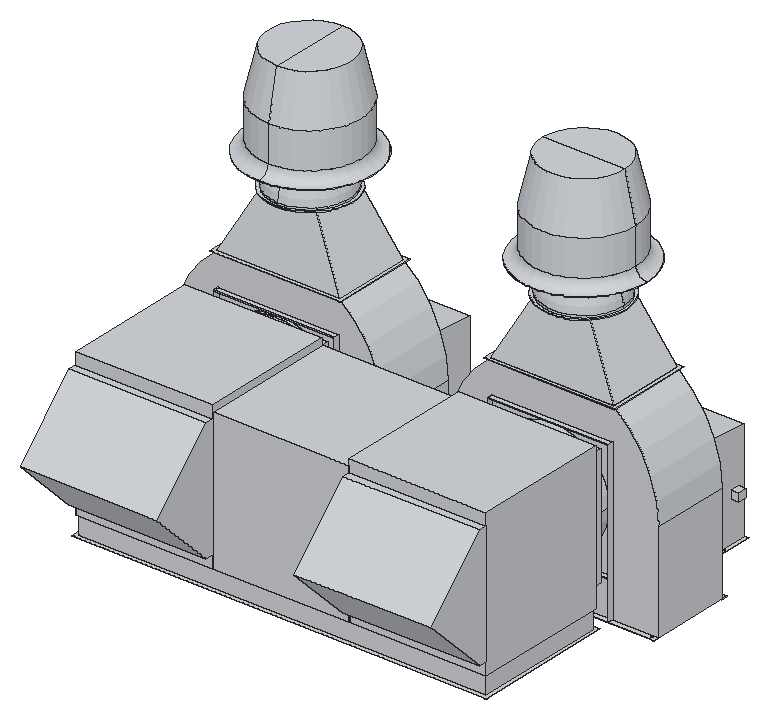
Revit family "Dual_CAVP_with_Mixing_Box", category Mechanical Equipment, Revit 2019 (continued)
Types (228): name | TRANSITION/2 | TRANSITION | RO2/2 | RO/2 | N_B_R+1.5" | MB_P+MB_P+.5 | E/52*30 | E/2-H/2 | E-N-N-H | E-(NOZZLE_RAD/3*2) | DUAL_Q-4.5" | DUAL_Q+.25" | DUAL_Q | R-((B/2)+1.5") | R+((B/2)+1.5") | R*1.1 | R | MB_P-4.5" | MB_P+.25" | P | NOZZLE_WB_RAD-2" | NOZZLE_WB_RAD | NOZZLE_WB_OD | NOZZLE_WB/4 | NOZZLE_TOP_RAD | NOZZLE_TOP_OD | NOZZLE_SIZE | NOZZLE_HEIGHT/7*2 | NOZZLE_HEIGHT | NOZZLE_BOTTOM_RAD-3*2 | NOZZLE_BOTTOM_RAD | NOZZLE_BOTTOM_ID | MB_N-(D-J-K-L) | N+(H/2) | N | MB_Q | MB_P | MB_N | MB_HEIGHT/2 | MB_HEIGHT | MB_F | MB_A | M-(2*(D-L-K-J)) | M | L | K | J+K+L | J | HEIGHT | H/2 | H | F/2 | MB_F-3" | F | E/52*15 | E/2 | E | D-M | D-L-K-J | D | CLASS | C/2 | C | B/4 | B/2 | B | A/2 | A | Type Comments | -MB_P-.25 | -MB_P | -MB_HEIGHT | -(F-((F-H)/2))/2 | -((MB_Q / 2) + 1/8") | (NOZZLE_WB_OD - NOZZLE_TOP_OD) / 4 | (NOZZLE_HEIGHT - (NOZZLE_HEIGHT / 8 * 2)) / 2 | (MB_Q/2)+.125" | (MB_P/2-.125")-((F / 2) - 2") | (MB_P/2-.125")+((F / 2) - 2") | (MB_P/2)+.125" | (M - (2 * (D - L - K - J)))/2 | (F-((F-H)/2))/2 | (E/2)-(E/52*15) | (E/2)-((MB_P/2)+.125") | (E/2)-((B/2)+1.5") | (D-J-K-L)*2 | (B/2)-.125" | (B/2)+1.5" | ((M - (2 * (D - L - K - J))) / 2) + (TRANSITION / 2)
  Dual_225_CAVP-15L_CLASS_1_With_Mixing_Box | 7.5572" | 15.11441" | 54 15/16" | 16 3/4" | 12 3/16" | 76 1/2" | 27.8726" | 10 11/32" | 2" | 17 1/32" | 109 7/8" | 114 5/8" | 114 3/8" | 9 1/32" | 39 15/32" | 26.675" | 24 1/4" | 33 1/2" | 38 1/4" | 60" | 16" | 18" | 36" | 7.2" | 11 1/2" | 23" | 15" | 10 3/4" | 43" | 4 11/16" | 10 11/16" | 21 3/8" | 13 3/16" | 22 5/32" | 8 11/32" | 38" | 38" | 14 3/16" | 21 5/8" | 43 1/4" | 5 3/4" | 117 5/8" | 17 7/16" | 19 7/16" | 21 7/16" | 15 1/8" | 45 1/16" | 8 1/2" | 45.34807" | 13 13/16" | 27 5/8" | 14 13/16" | 2 3/4" | 29 5/8" | 13.9363" | 24 5/32" | 48 5/16" | 26 5/8" | 1" | 46 1/16" | 1" | 29 19/32" | 59 3/16" | 6 55/64" | 13 23/32" | 27 7/16" | 53 11/32" | 106 11/16" | "Dual Vari-Plume Laboratory Exhaust Centrifugal Airfoil Class 1 Arr 10 With Mixing Box" | -38 1/4" | -38" | -43 1/4" | -12 13/16" | -19 1/8" | 3 1/4" | 16 1/8" | 19 1/8" | -6 1/16" | -31 11/16" | 19 1/8" | 8 23/32" | 12 13/16" | 10.21995" | 5 1/32" | 8 15/16" | 2" | 13 19/32" | 15 7/32" | 16.27595"
  Dual_225_CAVP-18H_CLASS_1_With_Mixing_Box | 9.05981" | 18.11961" | 54 15/16" | 16 3/4" | 14 5/16" | 76 1/2" | 27.8726" | 10 11/32" | 2" | 15.61458" | 109 7/8" | 114 5/8" | 114 3/8" | 9 1/32" | 39 15/32" | 26.675" | 24 1/4" | 33 1/2" | 38 1/4" | 60" | 19 1/2" | 21 1/2" | 43" | 8.6" | 13 3/4" | 27 1/2" | 18" | 12" | 48" | 6 13/16" | 12 13/16" | 25 5/8" | 13 3/16" | 22 5/32" | 8 11/32" | 38" | 38" | 14 3/16" | 21 5/8" | 43 1/4" | 5 3/4" | 117 5/8" | 17 7/16" | 19 7/16" | 21 7/16" | 15 1/8" | 45 1/16" | 8 1/2" | 45.34807" | 13 13/16" | 27 5/8" | 14 13/16" | 2 3/4" | 29 5/8" | 13.9363" | 24 5/32" | 48 5/16" | 26 5/8" | 1" | 46 1/16" | 1" | 29 19/32" | 59 3/16" | 6 55/64" | 13 23/32" | 27 7/16" | 53 11/32" | 106 11/16" | "Dual Vari-Plume Laboratory Exhaust Centrifugal Airfoil Class 1 Arr 10 With Mixing Box" | -38 1/4" | -38" | -43 1/4" | -12 13/16" | -19 1/8" | 3 7/8" | 18" | 19 1/8" | -6 1/16" | -31 11/16" | 19 1/8" | 8 23/32" | 12 13/16" | 10.21995" | 5 1/32" | 8 15/16" | 2" | 13 19/32" | 15 7/32" | 17.77856"
  Dual_225_CAVP-18L_CLASS_1_With_Mixing_Box | 9.05981" | 18.11961" | 54 15/16" | 16 3/4" | 14 5/16" | 76 1/2" | 27.8726" | 10 11/32" | 2" | 15.61458" | 109 7/8" | 114 5/8" | 114 3/8" | 9 1/32" | 39 15/32" | 26.675" | 24 1/4" | 33 1/2" | 38 1/4" | 60" | 19 1/2" | 21 1/2" | 43" | 8.6" | 13 3/4" | 27 1/2" | 18" | 12" | 48" | 6 13/16" | 12 13/16" | 25 5/8" | 13 3/16" | 22 5/32" | 8 11/32" | 38" | 38" | 14 3/16" | 21 5/8" | 43 1/4" | 5 3/4" | 117 5/8" | 17 7/16" | 19 7/16" | 21 7/16" | 15 1/8" | 45 1/16" | 8 1/2" | 45.34807" | 13 13/16" | 27 5/8" | 14 13/16" | 2 3/4" | 29 5/8" | 13.9363" | 24 5/32" | 48 5/16" | 26 5/8" | 1" | 46 1/16" | 1" | 29 19/32" | 59 3/16" | 6 55/64" | 13 23/32" | 27 7/16" | 53 11/32" | 106 11/16" | "Dual Vari-Plume Laboratory Exhaust Centrifugal Airfoil Class 1 Arr 10 With Mixing Box" | -38 1/4" | -38" | -43 1/4" | -12 13/16" | -19 1/8" | 3 7/8" | 18" | 19 1/8" | -6 1/16" | -31 11/16" | 19 1/8" | 8 23/32" | 12 13/16" | 10.21995" | 5 1/32" | 8 15/16" | 2" | 13 19/32" | 15 7/32" | 17.77856"
  Dual_225_CAVP-18H_CLASS_2_With_Mixing_Box | 9.05981" | 18.11961" | 54 15/16" | 16 3/4" | 14 5/16" | 76 1/2" | 27.8726" | 10 11/32" | 1 27/32" | 15.61458" | 109 7/8" | 114 5/8" | 114 3/8" | 9 1/32" | 39 15/32" | 26.675" | 24 1/4" | 33 1/2" | 38 1/4" | 60" | 19 1/2" | 21 1/2" | 43" | 8.6" | 13 3/4" | 27 1/2" | 18" | 12" | 48" | 6 13/16" | 12 13/16" | 25 5/8" | 13 3/16" | 22 5/16" | 8 1/2" | 38" | 38" | 14 3/16" | 21 5/8" | 43 1/4" | 5 3/4" | 121 5/8" | 17 7/16" | 19 7/16" | 21 7/16" | 19 3/8" | 49 1/16" | 8 1/4" | 45.34807" | 13 13/16" | 27 5/8" | 14 13/16" | 2 3/4" | 29 5/8" | 13.9363" | 24 5/32" | 48 5/16" | 30 5/8" | 1" | 50 1/16" | 2" | 29 19/32" | 59 3/16" | 6 55/64" | 13 23/32" | 27 7/16" | 53 11/32" | 106 11/16" | "Dual Vari-Plume Laboratory Exhaust Centrifugal Airfoil Class 2 Arr 10 With Mixing Box" | -38 1/4" | -38" | -43 1/4" | -12 13/16" | -19 1/8" | 3 7/8" | 18" | 19 1/8" | -6 1/16" | -31 11/16" | 19 1/8" | 8 23/32" | 12 13/16" | 10.21995" | 5 1/32" | 8 15/16" | 2" | 13 19/32" | 15 7/32" | 17.77856"
  Dual_225_CAVP-18L_CLASS_2_With_Mixing_Box | 9.05981" | 18.11961" | 54 15/16" | 16 3/4" | 14 5/16" | 76 1/2" | 27.8726" | 10 11/32" | 1 27/32" | 15.61458" | 109 7/8" | 114 5/8" | 114 3/8" | 9 1/32" | 39 15/32" | 26.675" | 24 1/4" | 33 1/2" | 38 1/4" | 60" | 19 1/2" | 21 1/2" | 43" | 8.6" | 13 3/4" | 27 1/2" | 18" | 12" | 48" | 6 13/16" | 12 13/16" | 25 5/8" | 13 3/16" | 22 5/16" | 8 1/2" | 38" | 38" | 14 3/16" | 21 5/8" | 43 1/4" | 5 3/4" | 121 5/8" | 17 7/16" | 19 7/16" | 21 7/16" | 19 3/8" | 49 1/16" | 8 1/4" | 45.34807" | 13 13/16" | 27 5/8" | 14 13/16" | 2 3/4" | 29 5/8" | 13.9363" | 24 5/32" | 48 5/16" | 30 5/8" | 1" | 50 1/16" | 2" | 29 19/32" | 59 3/16" | 6 55/64" | 13 23/32" | 27 7/16" | 53 11/32" | 106 11/16" | "Dual Vari-Plume Laboratory Exhaust Centrifugal Airfoil Class 2 Arr 10 With Mixing Box" | -38 1/4" | -38" | -43 1/4" | -12 13/16" | -19 1/8" | 3 7/8" | 18" | 19 1/8" | -6 1/16" | -31 11/16" | 19 1/8" | 8 23/32" | 12 13/16" | 10.21995" | 5 1/32" | 8 15/16" | 2" | 13 19/32" | 15 7/32" | 17.77856"
  Dual_225_CAVP-15H_CLASS_2_With_Mixing_Box | 7.5572" | 15.11441" | 54 15/16" | 16 3/4" | 12 3/16" | 76 1/2" | 27.8726" | 10 11/32" | 1 27/32" | 17 1/32" | 109 7/8" | 114 5/8" | 114 3/8" | 9 1/32" | 39 15/32" | 26.675" | 24 1/4" | 33 1/2" | 38 1/4" | 60" | 16" | 18" | 36" | 7.2" | 11 1/2" | 23" | 15" | 10 3/4" | 43" | 4 11/16" | 10 11/16" | 21 3/8" | 13 3/16" | 22 5/16" | 8 1/2" | 38" | 38" | 14 3/16" | 21 5/8" | 43 1/4" | 5 3/4" | 121 5/8" | 17 7/16" | 19 7/16" | 21 7/16" | 19 3/8" | 49 1/16" | 8 1/4" | 45.34807" | 13 13/16" | 27 5/8" | 14 13/16" | 2 3/4" | 29 5/8" | 13.9363" | 24 5/32" | 48 5/16" | 30 5/8" | 1" | 50 1/16" | 2" | 29 19/32" | 59 3/16" | 6 55/64" | 13 23/32" | 27 7/16" | 53 11/32" | 106 11/16" | "Dual Vari-Plume Laboratory Exhaust Centrifugal Airfoil Class 2 Arr 10 With Mixing Box" | -38 1/4" | -38" | -43 1/4" | -12 13/16" | -19 1/8" | 3 1/4" | 16 1/8" | 19 1/8" | -6 1/16" | -31 11/16" | 19 1/8" | 8 23/32" | 12 13/16" | 10.21995" | 5 1/32" | 8 15/16" | 2" | 13 19/32" | 15 7/32" | 16.27595"
  Dual_225_CAVP-15L_CLASS_2_With_Mixing_Box | 7.5572" | 15.11441" | 54 15/16" | 16 3/4" | 12 3/16" | 76 1/2" | 27.8726" | 10 11/32" | 1 27/32" | 17 1/32" | 109 7/8" | 114 5/8" | 114 3/8" | 9 1/32" | 39 15/32" | 26.675" | 24 1/4" | 33 1/2" | 38 1/4" | 60" | 16" | 18" | 36" | 7.2" | 11 1/2" | 23" | 15" | 10 3/4" | 43" | 4 11/16" | 10 11/16" | 21 3/8" | 13 3/16" | 22 5/16" | 8 1/2" | 38" | 38" | 14 3/16" | 21 5/8" | 43 1/4" | 5 3/4" | 121 5/8" | 17 7/16" | 19 7/16" | 21 7/16" | 19 3/8" | 49 1/16" | 8 1/4" | 45.34807" | 13 13/16" | 27 5/8" | 14 13/16" | 2 3/4" | 29 5/8" | 13.9363" | 24 5/32" | 48 5/16" | 30 5/8" | 1" | 50 1/16" | 2" | 29 19/32" | 59 3/16" | 6 55/64" | 13 23/32" | 27 7/16" | 53 11/32" | 106 11/16" | "Dual Vari-Plume Laboratory Exhaust Centrifugal Airfoil Class 2 Arr 10 With Mixing Box" | -38 1/4" | -38" | -43 1/4" | -12 13/16" | -19 1/8" | 3 1/4" | 16 1/8" | 19 1/8" | -6 1/16" | -31 11/16" | 19 1/8" | 8 23/32" | 12 13/16" | 10.21995" | 5 1/32" | 8 15/16" | 2" | 13 19/32" | 15 7/32" | 16.27595"
  Dual_225_CAVP-12H_CLASS_2_With_Mixing_Box | 6.0325" | 12.06501" | 54 15/16" | 16 3/4" | 10 1/32" | 76 1/2" | 27.8726" | 10 11/32" | 1 27/32" | 18 15/32" | 109 7/8" | 114 5/8" | 114 3/8" | 9 1/32" | 39 15/32" | 26.675" | 24 1/4" | 33 1/2" | 38 1/4" | 60" | 12" | 14" | 28" | 5.6" | 9 3/4" | 19 1/2" | 12" | 8" | 32" | 2 17/32" | 8 17/32" | 17 1/16" | 13 3/16" | 22 5/16" | 8 1/2" | 38" | 38" | 14 3/16" | 21 5/8" | 43 1/4" | 5 3/4" | 121 5/8" | 17 7/16" | 19 7/16" | 21 7/16" | 19 3/8" | 49 1/16" | 8 1/4" | 45.34807" | 13 13/16" | 27 5/8" | 14 13/16" | 2 3/4" | 29 5/8" | 13.9363" | 24 5/32" | 48 5/16" | 30 5/8" | 1" | 50 1/16" | 2" | 29 19/32" | 59 3/16" | 6 55/64" | 13 23/32" | 27 7/16" | 53 11/32" | 106 11/16" | "Dual Vari-Plume Laboratory Exhaust Centrifugal Airfoil Class 2 Arr 10 With Mixing Box" | -38 1/4" | -38" | -43 1/4" | -12 13/16" | -19 1/8" | 2 1/8" | 12" | 19 1/8" | -6 1/16" | -31 11/16" | 19 1/8" | 8 23/32" | 12 13/16" | 10.21995" | 5 1/32" | 8 15/16" | 2" | 13 19/32" | 15 7/32" | 14.75125"
  Dual_225_CAVP-12L_CLASS_2_With_Mixing_Box | 6.0325" | 12.06501" | 54 15/16" | 16 3/4" | 10 1/32" | 76 1/2" | 27.8726" | 10 11/32" | 1 27/32" | 18 15/32" | 109 7/8" | 114 5/8" | 114 3/8" | 9 1/32" | 39 15/32" | 26.675" | 24 1/4" | 33 1/2" | 38 1/4" | 60" | 12" | 14" | 28" | 5.6" | 9 3/4" | 19 1/2" | 12" | 8" | 32" | 2 17/32" | 8 17/32" | 17 1/16" | 13 3/16" | 22 5/16" | 8 1/2" | 38" | 38" | 14 3/16" | 21 5/8" | 43 1/4" | 5 3/4" | 121 5/8" | 17 7/16" | 19 7/16" | 21 7/16" | 19 3/8" | 49 1/16" | 8 1/4" | 45.34807" | 13 13/16" | 27 5/8" | 14 13/16" | 2 3/4" | 29 5/8" | 13.9363" | 24 5/32" | 48 5/16" | 30 5/8" | 1" | 50 1/16" | 2" | 29 19/32" | 59 3/16" | 6 55/64" | 13 23/32" | 27 7/16" | 53 11/32" | 106 11/16" | "Dual Vari-Plume Laboratory Exhaust Centrifugal Airfoil Class 2 Arr 10 With Mixing Box" | -38 1/4" | -38" | -43 1/4" | -12 13/16" | -19 1/8" | 2 1/8" | 12" | 19 1/8" | -6 1/16" | -31 11/16" | 19 1/8" | 8 23/32" | 12 13/16" | 10.21995" | 5 1/32" | 8 15/16" | 2" | 13 19/32" | 15 7/32" | 14.75125"
  Dual_245_CAVP-12L_CLASS_1_With_Mixing_Box | 6.0325" | 12.06501" | 57 15/16" | 17 3/4" | 10 1/32" | 80 1/2" | 30.2524" | 11 13/32" | 2" | 20 17/32" | 115 7/8" | 120 5/8" | 120 3/8" | 10 25/32" | 43 7/32" | 29.7" | 27" | 35 1/2" | 40 1/4" | 60" | 12" | 14" | 28" | 5.6" | 9 3/4" | 19 1/2" | 12" | 8" | 32" | 2 17/32" | 8 17/32" | 17 1/16" | 13 3/16" | 24 7/32" | 9 13/32" | 40" | 40" | 14 3/16" | 22 5/8" | 45 1/4" | 7 1/2" | 124 15/16" | 19" | 21" | 23" | 16 7/8" | 48 7/8" | 9" | 49.89946" | 14 13/16" | 29 5/8" | 15 13/16" | 4 1/2" | 31 5/8" | 15.1262" | 26 7/32" | 52 7/16" | 28 7/8" | 1" | 49 7/8" | 1" | 32 3/8" | 64 3/4" | 7 23/64" | 14 23/32" | 29 7/16" | 56 1/8" | 112 1/4" | "Dual Vari-Plume Laboratory Exhaust Centrifugal Airfoil Class 1 Arr 10 With Mixing Box" | -40 1/4" | -40" | -45 1/4" | -13 13/16" | -20 1/8" | 2 1/8" | 12" | 20 1/8" | -6 1/16" | -33 11/16" | 20 1/8" | 9 1/2" | 13 13/16" | 11.09255" | 6 3/32" | 10" | 2" | 14 19/32" | 16 7/32" | 15.5325"
  Dual_245_CAVP-12H_CLASS_1_With_Mixing_Box | 6.0325" | 12.06501" | 57 15/16" | 17 3/4" | 10 1/32" | 80 1/2" | 30.2524" | 11 13/32" | 2" | 20 17/32" | 115 7/8" | 120 5/8" | 120 3/8" | 10 25/32" | 43 7/32" | 29.7" | 27" | 35 1/2" | 40 1/4" | 60" | 12" | 14" | 28" | 5.6" | 9 3/4" | 19 1/2" | 12" | 8" | 32" | 2 17/32" | 8 17/32" | 17 1/16" | 13 3/16" | 24 7/32" | 9 13/32" | 40" | 40" | 14 3/16" | 22 5/8" | 45 1/4" | 7 1/2" | 124 15/16" | 19" | 21" | 23" | 16 7/8" | 48 7/8" | 9" | 49.89946" | 14 13/16" | 29 5/8" | 15 13/16" | 4 1/2" | 31 5/8" | 15.1262" | 26 7/32" | 52 7/16" | 28 7/8" | 1" | 49 7/8" | 1" | 32 3/8" | 64 3/4" | 7 23/64" | 14 23/32" | 29 7/16" | 56 1/8" | 112 1/4" | "Dual Vari-Plume Laboratory Exhaust Centrifugal Airfoil Class 1 Arr 10 With Mixing Box" | -40 1/4" | -40" | -45 1/4" | -13 13/16" | -20 1/8" | 2 1/8" | 12" | 20 1/8" | -6 1/16" | -33 11/16" | 20 1/8" | 9 1/2" | 13 13/16" | 11.09255" | 6 3/32" | 10" | 2" | 14 19/32" | 16 7/32" | 15.5325"
  Dual_245_CAVP-15L_CLASS_1_With_Mixing_Box | 7.5572" | 15.11441" | 57 15/16" | 17 3/4" | 12 3/16" | 80 1/2" | 30.2524" | 11 13/32" | 2" | 19 3/32" | 115 7/8" | 120 5/8" | 120 3/8" | 10 25/32" | 43 7/32" | 29.7" | 27" | 35 1/2" | 40 1/4" | 60" | 16" | 18" | 36" | 7.2" | 11 1/2" | 23" | 15" | 10 3/4" | 43" | 4 11/16" | 10 11/16" | 21 3/8" | 13 3/16" | 24 7/32" | 9 13/32" | 40" | 40" | 14 3/16" | 22 5/8" | 45 1/4" | 7 1/2" | 124 15/16" | 19" | 21" | 23" | 16 7/8" | 48 7/8" | 9" | 49.89946" | 14 13/16" | 29 5/8" | 15 13/16" | 4 1/2" | 31 5/8" | 15.1262" | 26 7/32" | 52 7/16" | 28 7/8" | 1" | 49 7/8" | 1" | 32 3/8" | 64 3/4" | 7 23/64" | 14 23/32" | 29 7/16" | 56 1/8" | 112 1/4" | "Dual Vari-Plume Laboratory Exhaust Centrifugal Airfoil Class 1 Arr 10 With Mixing Box" | -40 1/4" | -40" | -45 1/4" | -13 13/16" | -20 1/8" | 3 1/4" | 16 1/8" | 20 1/8" | -6 1/16" | -33 11/16" | 20 1/8" | 9 1/2" | 13 13/16" | 11.09255" | 6 3/32" | 10" | 2" | 14 19/32" | 16 7/32" | 17.0572"
  Dual_245_CAVP-15H_CLASS_1_With_Mixing_Box | 7.5572" | 15.11441" | 57 15/16" | 17 3/4" | 12 3/16" | 80 1/2" | 30.2524" | 11 13/32" | 2" | 19 3/32" | 115 7/8" | 120 5/8" | 120 3/8" | 10 25/32" | 43 7/32" | 29.7" | 27" | 35 1/2" | 40 1/4" | 60" | 16" | 18" | 36" | 7.2" | 11 1/2" | 23" | 15" | 10 3/4" | 43" | 4 11/16" | 10 11/16" | 21 3/8" | 13 3/16" | 24 7/32" | 9 13/32" | 40" | 40" | 14 3/16" | 22 5/8" | 45 1/4" | 7 1/2" | 124 15/16" | 19" | 21" | 23" | 16 7/8" | 48 7/8" | 9" | 49.89946" | 14 13/16" | 29 5/8" | 15 13/16" | 4 1/2" | 31 5/8" | 15.1262" | 26 7/32" | 52 7/16" | 28 7/8" | 1" | 49 7/8" | 1" | 32 3/8" | 64 3/4" | 7 23/64" | 14 23/32" | 29 7/16" | 56 1/8" | 112 1/4" | "Dual Vari-Plume Laboratory Exhaust Centrifugal Airfoil Class 1 Arr 10 With Mixing Box" | -40 1/4" | -40" | -45 1/4" | -13 13/16" | -20 1/8" | 3 1/4" | 16 1/8" | 20 1/8" | -6 1/16" | -33 11/16" | 20 1/8" | 9 1/2" | 13 13/16" | 11.09255" | 6 3/32" | 10" | 2" | 14 19/32" | 16 7/32" | 17.0572"
  Dual_245_CAVP-18L_CLASS_1_With_Mixing_Box | 9.05981" | 18.11961" | 57 15/16" | 17 3/4" | 14 5/16" | 80 1/2" | 30.2524" | 11 13/32" | 2" | 17.67708" | 115 7/8" | 120 5/8" | 120 3/8" | 10 25/32" | 43 7/32" | 29.7" | 27" | 35 1/2" | 40 1/4" | 60" | 19 1/2" | 21 1/2" | 43" | 8.6" | 13 3/4" | 27 1/2" | 18" | 12" | 48" | 6 13/16" | 12 13/16" | 25 5/8" | 13 3/16" | 24 7/32" | 9 13/32" | 40" | 40" | 14 3/16" | 22 5/8" | 45 1/4" | 7 1/2" | 124 15/16" | 19" | 21" | 23" | 16 7/8" | 48 7/8" | 9" | 49.89946" | 14 13/16" | 29 5/8" | 15 13/16" | 4 1/2" | 31 5/8" | 15.1262" | 26 7/32" | 52 7/16" | 28 7/8" | 1" | 49 7/8" | 1" | 32 3/8" | 64 3/4" | 7 23/64" | 14 23/32" | 29 7/16" | 56 1/8" | 112 1/4" | "Dual Vari-Plume Laboratory Exhaust Centrifugal Airfoil Class 1 Arr 10 With Mixing Box" | -40 1/4" | -40" | -45 1/4" | -13 13/16" | -20 1/8" | 3 7/8" | 18" | 20 1/8" | -6 1/16" | -33 11/16" | 20 1/8" | 9 1/2" | 13 13/16" | 11.09255" | 6 3/32" | 10" | 2" | 14 19/32" | 16 7/32" | 18.55981"
  Dual_245_CAVP-18H_CLASS_1_With_Mixing_Box | 9.05981" | 18.11961" | 57 15/16" | 17 3/4" | 14 5/16" | 80 1/2" | 30.2524" | 11 13/32" | 2" | 17.67708" | 115 7/8" | 120 5/8" | 120 3/8" | 10 25/32" | 43 7/32" | 29.7" | 27" | 35 1/2" | 40 1/4" | 60" | 19 1/2" | 21 1/2" | 43" | 8.6" | 13 3/4" | 27 1/2" | 18" | 12" | 48" | 6 13/16" | 12 13/16" | 25 5/8" | 13 3/16" | 24 7/32" | 9 13/32" | 40" | 40" | 14 3/16" | 22 5/8" | 45 1/4" | 7 1/2" | 124 15/16" | 19" | 21" | 23" | 16 7/8" | 48 7/8" | 9" | 49.89946" | 14 13/16" | 29 5/8" | 15 13/16" | 4 1/2" | 31 5/8" | 15.1262" | 26 7/32" | 52 7/16" | 28 7/8" | 1" | 49 7/8" | 1" | 32 3/8" | 64 3/4" | 7 23/64" | 14 23/32" | 29 7/16" | 56 1/8" | 112 1/4" | "Dual Vari-Plume Laboratory Exhaust Centrifugal Airfoil Class 1 Arr 10 With Mixing Box" | -40 1/4" | -40" | -45 1/4" | -13 13/16" | -20 1/8" | 3 7/8" | 18" | 20 1/8" | -6 1/16" | -33 11/16" | 20 1/8" | 9 1/2" | 13 13/16" | 11.09255" | 6 3/32" | 10" | 2" | 14 19/32" | 16 7/32" | 18.55981"
  Dual_245_CAVP-12L_CLASS_2_With_Mixing_Box | 6.0325" | 12.06501" | 57 15/16" | 17 3/4" | 10 1/32" | 80 1/2" | 30.2524" | 11 13/32" | 2" | 20 17/32" | 115 7/8" | 120 5/8" | 120 3/8" | 10 25/32" | 43 7/32" | 29.7" | 27" | 35 1/2" | 40 1/4" | 60" | 12" | 14" | 28" | 5.6" | 9 3/4" | 19 1/2" | 12" | 8" | 32" | 2 17/32" | 8 17/32" | 17 1/16" | 13 3/16" | 24 7/32" | 9 13/32" | 40" | 40" | 14 3/16" | 22 5/8" | 45 1/4" | 7 1/2" | 129 3/16" | 19" | 21" | 23" | 21 1/8" | 53 1/8" | 9" | 49.89946" | 14 13/16" | 29 5/8" | 15 13/16" | 4 1/2" | 31 5/8" | 15.1262" | 26 7/32" | 52 7/16" | 33 1/8" | 1" | 54 1/8" | 2" | 32 3/8" | 64 3/4" | 7 23/64" | 14 23/32" | 29 7/16" | 56 1/8" | 112 1/4" | "Dual Vari-Plume Laboratory Exhaust Centrifugal Airfoil Class 2 Arr 10 With Mixing Box" | -40 1/4" | -40" | -45 1/4" | -13 13/16" | -20 1/8" | 2 1/8" | 12" | 20 1/8" | -6 1/16" | -33 11/16" | 20 1/8" | 9 1/2" | 13 13/16" | 11.09255" | 6 3/32" | 10" | 2" | 14 19/32" | 16 7/32" | 15.5325"
  Dual_245_CAVP-12H_CLASS_2_With_Mixing_Box | 6.0325" | 12.06501" | 57 15/16" | 17 3/4" | 10 1/32" | 80 1/2" | 30.2524" | 11 13/32" | 2" | 20 17/32" | 115 7/8" | 120 5/8" | 120 3/8" | 10 25/32" | 43 7/32" | 29.7" | 27" | 35 1/2" | 40 1/4" | 60" | 12" | 14" | 28" | 5.6" | 9 3/4" | 19 1/2" | 12" | 8" | 32" | 2 17/32" | 8 17/32" | 17 1/16" | 13 3/16" | 24 7/32" | 9 13/32" | 40" | 40" | 14 3/16" | 22 5/8" | 45 1/4" | 7 1/2" | 129 3/16" | 19" | 21" | 23" | 21 1/8" | 53 1/8" | 9" | 49.89946" | 14 13/16" | 29 5/8" | 15 13/16" | 4 1/2" | 31 5/8" | 15.1262" | 26 7/32" | 52 7/16" | 33 1/8" | 1" | 54 1/8" | 2" | 32 3/8" | 64 3/4" | 7 23/64" | 14 23/32" | 29 7/16" | 56 1/8" | 112 1/4" | "Dual Vari-Plume Laboratory Exhaust Centrifugal Airfoil Class 2 Arr 10 With Mixing Box" | -40 1/4" | -40" | -45 1/4" | -13 13/16" | -20 1/8" | 2 1/8" | 12" | 20 1/8" | -6 1/16" | -33 11/16" | 20 1/8" | 9 1/2" | 13 13/16" | 11.09255" | 6 3/32" | 10" | 2" | 14 19/32" | 16 7/32" | 15.5325"
  Dual_245_CAVP-15L_CLASS_2_With_Mixing_Box | 7.5572" | 15.11441" | 57 15/16" | 17 3/4" | 12 3/16" | 80 1/2" | 30.2524" | 11 13/32" | 2" | 19 3/32" | 115 7/8" | 120 5/8" | 120 3/8" | 10 25/32" | 43 7/32" | 29.7" | 27" | 35 1/2" | 40 1/4" | 60" | 16" | 18" | 36" | 7.2" | 11 1/2" | 23" | 15" | 10 3/4" | 43" | 4 11/16" | 10 11/16" | 21 3/8" | 13 3/16" | 24 7/32" | 9 13/32" | 40" | 40" | 14 3/16" | 22 5/8" | 45 1/4" | 7 1/2" | 129 3/16" | 19" | 21" | 23" | 21 1/8" | 53 1/8" | 9" | 49.89946" | 14 13/16" | 29 5/8" | 15 13/16" | 4 1/2" | 31 5/8" | 15.1262" | 26 7/32" | 52 7/16" | 33 1/8" | 1" | 54 1/8" | 2" | 32 3/8" | 64 3/4" | 7 23/64" | 14 23/32" | 29 7/16" | 56 1/8" | 112 1/4" | "Dual Vari-Plume Laboratory Exhaust Centrifugal Airfoil Class 2 Arr 10 With Mixing Box" | -40 1/4" | -40" | -45 1/4" | -13 13/16" | -20 1/8" | 3 1/4" | 16 1/8" | 20 1/8" | -6 1/16" | -33 11/16" | 20 1/8" | 9 1/2" | 13 13/16" | 11.09255" | 6 3/32" | 10" | 2" | 14 19/32" | 16 7/32" | 17.0572"
  Dual_245_CAVP-15H_CLASS_2_With_Mixing_Box | 7.5572" | 15.11441" | 57 15/16" | 17 3/4" | 12 3/16" | 80 1/2" | 30.2524" | 11 13/32" | 2" | 19 3/32" | 115 7/8" | 120 5/8" | 120 3/8" | 10 25/32" | 43 7/32" | 29.7" | 27" | 35 1/2" | 40 1/4" | 60" | 16" | 18" | 36" | 7.2" | 11 1/2" | 23" | 15" | 10 3/4" | 43" | 4 11/16" | 10 11/16" | 21 3/8" | 13 3/16" | 24 7/32" | 9 13/32" | 40" | 40" | 14 3/16" | 22 5/8" | 45 1/4" | 7 1/2" | 129 3/16" | 19" | 21" | 23" | 21 1/8" | 53 1/8" | 9" | 49.89946" | 14 13/16" | 29 5/8" | 15 13/16" | 4 1/2" | 31 5/8" | 15.1262" | 26 7/32" | 52 7/16" | 33 1/8" | 1" | 54 1/8" | 2" | 32 3/8" | 64 3/4" | 7 23/64" | 14 23/32" | 29 7/16" | 56 1/8" | 112 1/4" | "Dual Vari-Plume Laboratory Exhaust Centrifugal Airfoil Class 2 Arr 10 With Mixing Box" | -40 1/4" | -40" | -45 1/4" | -13 13/16" | -20 1/8" | 3 1/4" | 16 1/8" | 20 1/8" | -6 1/16" | -33 11/16" | 20 1/8" | 9 1/2" | 13 13/16" | 11.09255" | 6 3/32" | 10" | 2" | 14 19/32" | 16 7/32" | 17.0572"
  Dual_245_CAVP-18L_CLASS_2_With_Mixing_Box | 9.05981" | 18.11961" | 57 15/16" | 17 3/4" | 14 5/16" | 80 1/2" | 30.2524" | 11 13/32" | 2" | 17.67708" | 115 7/8" | 120 5/8" | 120 3/8" | 10 25/32" | 43 7/32" | 29.7" | 27" | 35 1/2" | 40 1/4" | 60" | 19 1/2" | 21 1/2" | 43" | 8.6" | 13 3/4" | 27 1/2" | 18" | 12" | 48" | 6 13/16" | 12 13/16" | 25 5/8" | 13 3/16" | 24 7/32" | 9 13/32" | 40" | 40" | 14 3/16" | 22 5/8" | 45 1/4" | 7 1/2" | 129 3/16" | 19" | 21" | 23" | 21 1/8" | 53 1/8" | 9" | 49.89946" | 14 13/16" | 29 5/8" | 15 13/16" | 4 1/2" | 31 5/8" | 15.1262" | 26 7/32" | 52 7/16" | 33 1/8" | 1" | 54 1/8" | 2" | 32 3/8" | 64 3/4" | 7 23/64" | 14 23/32" | 29 7/16" | 56 1/8" | 112 1/4" | "Dual Vari-Plume Laboratory Exhaust Centrifugal Airfoil Class 2 Arr 10 With Mixing Box" | -40 1/4" | -40" | -45 1/4" | -13 13/16" | -20 1/8" | 3 7/8" | 18" | 20 1/8" | -6 1/16" | -33 11/16" | 20 1/8" | 9 1/2" | 13 13/16" | 11.09255" | 6 3/32" | 10" | 2" | 14 19/32" | 16 7/32" | 18.55981"
  Dual_245_CAVP-18H_CLASS_2_With_Mixing_Box | 9.05981" | 18.11961" | 57 15/16" | 17 3/4" | 14 5/16" | 80 1/2" | 30.2524" | 11 13/32" | 2" | 17.67708" | 115 7/8" | 120 5/8" | 120 3/8" | 10 25/32" | 43 7/32" | 29.7" | 27" | 35 1/2" | 40 1/4" | 60" | 19 1/2" | 21 1/2" | 43" | 8.6" | 13 3/4" | 27 1/2" | 18" | 12" | 48" | 6 13/16" | 12 13/16" | 25 5/8" | 13 3/16" | 24 7/32" | 9 13/32" | 40" | 40" | 14 3/16" | 22 5/8" | 45 1/4" | 7 1/2" | 129 3/16" | 19" | 21" | 23" | 21 1/8" | 53 1/8" | 9" | 49.89946" | 14 13/16" | 29 5/8" | 15 13/16" | 4 1/2" | 31 5/8" | 15.1262" | 26 7/32" | 52 7/16" | 33 1/8" | 1" | 54 1/8" | 2" | 32 3/8" | 64 3/4" | 7 23/64" | 14 23/32" | 29 7/16" | 56 1/8" | 112 1/4" | "Dual Vari-Plume Laboratory Exhaust Centrifugal Airfoil Class 2 Arr 10 With Mixing Box" | -40 1/4" | -40" | -45 1/4" | -13 13/16" | -20 1/8" | 3 7/8" | 18" | 20 1/8" | -6 1/16" | -33 11/16" | 20 1/8" | 9 1/2" | 13 13/16" | 11.09255" | 6 3/32" | 10" | 2" | 14 19/32" | 16 7/32" | 18.55981"
  Dual_270_CAVP-12L_CLASS_1_With_Mixing_Box | 6.0325" | 12.06501" | 62 7/16" | 19 1/4" | 10 1/32" | 86 1/2" | 33.20913" | 12 19/32" | 2" | 23 3/32" | 124 7/8" | 129 5/8" | 129 3/8" | 9 17/32" | 44 15/32" | 29.7" | 27" | 38 1/2" | 43 1/4" | 60" | 12" | 14" | 28" | 5.6" | 9 3/4" | 19 1/2" | 12" | 8" | 32" | 2 17/32" | 8 17/32" | 17 1/16" | 13 3/16" | 26 25/32" | 10 19/32" | 43" | 43" | 14 3/16" | 23 7/8" | 47 3/4" | 6 1/4" | 132 7/16" | 20 7/8" | 22 7/8" | 24 7/8" | 19 1/8" | 53 1/2" | 9 1/2" | 52.13754" | 16 3/16" | 32 3/8" | 17 3/16" | 3 1/4" | 34 3/8" | 16.60457" | 28 25/32" | 57 9/16" | 31 5/8" | 1" | 54 1/2" | 1" | 34 15/32" | 68 15/16" | 7 63/64" | 15 31/32" | 31 15/16" | 58 7/32" | 116 7/16" | "Dual Vari-Plume Laboratory Exhaust Centrifugal Airfoil Class 1 Arr 10 With Mixing Box" | -43 1/4" | -43" | -47 3/4" | -15 3/16" | -21 5/8" | 2 1/8" | 12" | 21 5/8" | -6 3/16" | -36 9/16" | 21 5/8" | 10 7/16" | 15 3/16" | 12.17668" | 7 5/32" | 11 5/16" | 2" | 15 27/32" | 17 15/32" | 16.47"
  Dual_270_CAVP-12H_CLASS_1_With_Mixing_Box | 6.0325" | 12.06501" | 62 7/16" | 19 1/4" | 10 1/32" | 86 1/2" | 33.20913" | 12 19/32" | 2" | 23 3/32" | 124 7/8" | 129 5/8" | 129 3/8" | 9 17/32" | 44 15/32" | 29.7" | 27" | 38 1/2" | 43 1/4" | 60" | 12" | 14" | 28" | 5.6" | 9 3/4" | 19 1/2" | 12" | 8" | 32" | 2 17/32" | 8 17/32" | 17 1/16" | 13 3/16" | 26 25/32" | 10 19/32" | 43" | 43" | 14 3/16" | 23 7/8" | 47 3/4" | 6 1/4" | 132 7/16" | 20 7/8" | 22 7/8" | 24 7/8" | 19 1/8" | 53 1/2" | 9 1/2" | 52.13754" | 16 3/16" | 32 3/8" | 17 3/16" | 3 1/4" | 34 3/8" | 16.60457" | 28 25/32" | 57 9/16" | 31 5/8" | 1" | 54 1/2" | 1" | 34 15/32" | 68 15/16" | 7 63/64" | 15 31/32" | 31 15/16" | 58 7/32" | 116 7/16" | "Dual Vari-Plume Laboratory Exhaust Centrifugal Airfoil Class 1 Arr 10 With Mixing Box" | -43 1/4" | -43" | -47 3/4" | -15 3/16" | -21 5/8" | 2 1/8" | 12" | 21 5/8" | -6 3/16" | -36 9/16" | 21 5/8" | 10 7/16" | 15 3/16" | 12.17668" | 7 5/32" | 11 5/16" | 2" | 15 27/32" | 17 15/32" | 16.47"
  Dual_270_CAVP-15L_CLASS_1_With_Mixing_Box | 7.5572" | 15.11441" | 62 7/16" | 19 1/4" | 12 3/16" | 86 1/2" | 33.20913" | 12 19/32" | 2" | 21 21/32" | 124 7/8" | 129 5/8" | 129 3/8" | 9 17/32" | 44 15/32" | 29.7" | 27" | 38 1/2" | 43 1/4" | 60" | 16" | 18" | 36" | 7.2" | 11 1/2" | 23" | 15" | 10 3/4" | 43" | 4 11/16" | 10 11/16" | 21 3/8" | 13 3/16" | 26 25/32" | 10 19/32" | 43" | 43" | 14 3/16" | 23 7/8" | 47 3/4" | 6 1/4" | 132 7/16" | 20 7/8" | 22 7/8" | 24 7/8" | 19 1/8" | 53 1/2" | 9 1/2" | 52.13754" | 16 3/16" | 32 3/8" | 17 3/16" | 3 1/4" | 34 3/8" | 16.60457" | 28 25/32" | 57 9/16" | 31 5/8" | 1" | 54 1/2" | 1" | 34 15/32" | 68 15/16" | 7 63/64" | 15 31/32" | 31 15/16" | 58 7/32" | 116 7/16" | "Dual Vari-Plume Laboratory Exhaust Centrifugal Airfoil Class 1 Arr 10 With Mixing Box" | -43 1/4" | -43" | -47 3/4" | -15 3/16" | -21 5/8" | 3 1/4" | 16 1/8" | 21 5/8" | -6 3/16" | -36 9/16" | 21 5/8" | 10 7/16" | 15 3/16" | 12.17668" | 7 5/32" | 11 5/16" | 2" | 15 27/32" | 17 15/32" | 17.9947"
  Dual_270_CAVP-15H_CLASS_1_With_Mixing_Box | 7.5572" | 15.11441" | 62 7/16" | 19 1/4" | 12 3/16" | 86 1/2" | 33.20913" | 12 19/32" | 2" | 21 21/32" | 124 7/8" | 129 5/8" | 129 3/8" | 9 17/32" | 44 15/32" | 29.7" | 27" | 38 1/2" | 43 1/4" | 60" | 16" | 18" | 36" | 7.2" | 11 1/2" | 23" | 15" | 10 3/4" | 43" | 4 11/16" | 10 11/16" | 21 3/8" | 13 3/16" | 26 25/32" | 10 19/32" | 43" | 43" | 14 3/16" | 23 7/8" | 47 3/4" | 6 1/4" | 132 7/16" | 20 7/8" | 22 7/8" | 24 7/8" | 19 1/8" | 53 1/2" | 9 1/2" | 52.13754" | 16 3/16" | 32 3/8" | 17 3/16" | 3 1/4" | 34 3/8" | 16.60457" | 28 25/32" | 57 9/16" | 31 5/8" | 1" | 54 1/2" | 1" | 34 15/32" | 68 15/16" | 7 63/64" | 15 31/32" | 31 15/16" | 58 7/32" | 116 7/16" | "Dual Vari-Plume Laboratory Exhaust Centrifugal Airfoil Class 1 Arr 10 With Mixing Box" | -43 1/4" | -43" | -47 3/4" | -15 3/16" | -21 5/8" | 3 1/4" | 16 1/8" | 21 5/8" | -6 3/16" | -36 9/16" | 21 5/8" | 10 7/16" | 15 3/16" | 12.17668" | 7 5/32" | 11 5/16" | 2" | 15 27/32" | 17 15/32" | 17.9947"
  Dual_270_CAVP-18L_CLASS_1_With_Mixing_Box | 9.05981" | 18.11961" | 62 7/16" | 19 1/4" | 14 5/16" | 86 1/2" | 33.20913" | 12 19/32" | 2" | 20.23958" | 124 7/8" | 129 5/8" | 129 3/8" | 9 17/32" | 44 15/32" | 29.7" | 27" | 38 1/2" | 43 1/4" | 60" | 19 1/2" | 21 1/2" | 43" | 8.6" | 13 3/4" | 27 1/2" | 18" | 12" | 48" | 6 13/16" | 12 13/16" | 25 5/8" | 13 3/16" | 26 25/32" | 10 19/32" | 43" | 43" | 14 3/16" | 23 7/8" | 47 3/4" | 6 1/4" | 132 7/16" | 20 7/8" | 22 7/8" | 24 7/8" | 19 1/8" | 53 1/2" | 9 1/2" | 52.13754" | 16 3/16" | 32 3/8" | 17 3/16" | 3 1/4" | 34 3/8" | 16.60457" | 28 25/32" | 57 9/16" | 31 5/8" | 1" | 54 1/2" | 1" | 34 15/32" | 68 15/16" | 7 63/64" | 15 31/32" | 31 15/16" | 58 7/32" | 116 7/16" | "Dual Vari-Plume Laboratory Exhaust Centrifugal Airfoil Class 1 Arr 10 With Mixing Box" | -43 1/4" | -43" | -47 3/4" | -15 3/16" | -21 5/8" | 3 7/8" | 18" | 21 5/8" | -6 3/16" | -36 9/16" | 21 5/8" | 10 7/16" | 15 3/16" | 12.17668" | 7 5/32" | 11 5/16" | 2" | 15 27/32" | 17 15/32" | 19.49731"
  Dual_270_CAVP-18H_CLASS_1_With_Mixing_Box | 9.05981" | 18.11961" | 62 7/16" | 19 1/4" | 14 5/16" | 86 1/2" | 33.20913" | 12 19/32" | 2" | 20.23958" | 124 7/8" | 129 5/8" | 129 3/8" | 9 17/32" | 44 15/32" | 29.7" | 27" | 38 1/2" | 43 1/4" | 60" | 19 1/2" | 21 1/2" | 43" | 8.6" | 13 3/4" | 27 1/2" | 18" | 12" | 48" | 6 13/16" | 12 13/16" | 25 5/8" | 13 3/16" | 26 25/32" | 10 19/32" | 43" | 43" | 14 3/16" | 23 7/8" | 47 3/4" | 6 1/4" | 132 7/16" | 20 7/8" | 22 7/8" | 24 7/8" | 19 1/8" | 53 1/2" | 9 1/2" | 52.13754" | 16 3/16" | 32 3/8" | 17 3/16" | 3 1/4" | 34 3/8" | 16.60457" | 28 25/32" | 57 9/16" | 31 5/8" | 1" | 54 1/2" | 1" | 34 15/32" | 68 15/16" | 7 63/64" | 15 31/32" | 31 15/16" | 58 7/32" | 116 7/16" | "Dual Vari-Plume Laboratory Exhaust Centrifugal Airfoil Class 1 Arr 10 With Mixing Box" | -43 1/4" | -43" | -47 3/4" | -15 3/16" | -21 5/8" | 3 7/8" | 18" | 21 5/8" | -6 3/16" | -36 9/16" | 21 5/8" | 10 7/16" | 15 3/16" | 12.17668" | 7 5/32" | 11 5/16" | 2" | 15 27/32" | 17 15/32" | 19.49731"
  Dual_270_CAVP-12L_CLASS_2_With_Mixing_Box | 6.0325" | 12.06501" | 62 7/16" | 19 1/4" | 10 1/32" | 86 1/2" | 33.20913" | 12 19/32" | 2 19/32" | 23 3/32" | 124 7/8" | 129 5/8" | 129 3/8" | 9 17/32" | 44 15/32" | 29.7" | 27" | 38 1/2" | 43 1/4" | 60" | 12" | 14" | 28" | 5.6" | 9 3/4" | 19 1/2" | 12" | 8" | 32" | 2 17/32" | 8 17/32" | 17 1/16" | 13 3/16" | 26 3/16" | 10" | 43" | 43" | 14 3/16" | 23 7/8" | 47 3/4" | 6 1/4" | 134 7/16" | 20 7/8" | 22 7/8" | 24 7/8" | 21 3/8" | 55 1/2" | 9 1/4" | 52.13754" | 16 3/16" | 32 3/8" | 17 3/16" | 3 1/4" | 34 3/8" | 16.60457" | 28 25/32" | 57 9/16" | 33 5/8" | 1" | 56 1/2" | 2" | 34 15/32" | 68 15/16" | 7 63/64" | 15 31/32" | 31 15/16" | 58 7/32" | 116 7/16" | "Dual Vari-Plume Laboratory Exhaust Centrifugal Airfoil Class 2 Arr 10 With Mixing Box" | -43 1/4" | -43" | -47 3/4" | -15 3/16" | -21 5/8" | 2 1/8" | 12" | 21 5/8" | -6 3/16" | -36 9/16" | 21 5/8" | 10 7/16" | 15 3/16" | 12.17668" | 7 5/32" | 11 5/16" | 2" | 15 27/32" | 17 15/32" | 16.47"
  Dual_270_CAVP-12H_CLASS_2_With_Mixing_Box | 6.0325" | 12.06501" | 62 7/16" | 19 1/4" | 10 1/32" | 86 1/2" | 33.20913" | 12 19/32" | 2 19/32" | 23 3/32" | 124 7/8" | 129 5/8" | 129 3/8" | 9 17/32" | 44 15/32" | 29.7" | 27" | 38 1/2" | 43 1/4" | 60" | 12" | 14" | 28" | 5.6" | 9 3/4" | 19 1/2" | 12" | 8" | 32" | 2 17/32" | 8 17/32" | 17 1/16" | 13 3/16" | 26 3/16" | 10" | 43" | 43" | 14 3/16" | 23 7/8" | 47 3/4" | 6 1/4" | 134 7/16" | 20 7/8" | 22 7/8" | 24 7/8" | 21 3/8" | 55 1/2" | 9 1/4" | 52.13754" | 16 3/16" | 32 3/8" | 17 3/16" | 3 1/4" | 34 3/8" | 16.60457" | 28 25/32" | 57 9/16" | 33 5/8" | 1" | 56 1/2" | 2" | 34 15/32" | 68 15/16" | 7 63/64" | 15 31/32" | 31 15/16" | 58 7/32" | 116 7/16" | "Dual Vari-Plume Laboratory Exhaust Centrifugal Airfoil Class 2 Arr 10 With Mixing Box" | -43 1/4" | -43" | -47 3/4" | -15 3/16" | -21 5/8" | 2 1/8" | 12" | 21 5/8" | -6 3/16" | -36 9/16" | 21 5/8" | 10 7/16" | 15 3/16" | 12.17668" | 7 5/32" | 11 5/16" | 2" | 15 27/32" | 17 15/32" | 16.47"
  Dual_270_CAVP-15L_CLASS_2_With_Mixing_Box | 7.5572" | 15.11441" | 62 7/16" | 19 1/4" | 12 3/16" | 86 1/2" | 33.20913" | 12 19/32" | 2 19/32" | 21 21/32" | 124 7/8" | 129 5/8" | 129 3/8" | 9 17/32" | 44 15/32" | 29.7" | 27" | 38 1/2" | 43 1/4" | 60" | 16" | 18" | 36" | 7.2" | 11 1/2" | 23" | 15" | 10 3/4" | 43" | 4 11/16" | 10 11/16" | 21 3/8" | 13 3/16" | 26 3/16" | 10" | 43" | 43" | 14 3/16" | 23 7/8" | 47 3/4" | 6 1/4" | 134 7/16" | 20 7/8" | 22 7/8" | 24 7/8" | 21 3/8" | 55 1/2" | 9 1/4" | 52.13754" | 16 3/16" | 32 3/8" | 17 3/16" | 3 1/4" | 34 3/8" | 16.60457" | 28 25/32" | 57 9/16" | 33 5/8" | 1" | 56 1/2" | 2" | 34 15/32" | 68 15/16" | 7 63/64" | 15 31/32" | 31 15/16" | 58 7/32" | 116 7/16" | "Dual Vari-Plume Laboratory Exhaust Centrifugal Airfoil Class 2 Arr 10 With Mixing Box" | -43 1/4" | -43" | -47 3/4" | -15 3/16" | -21 5/8" | 3 1/4" | 16 1/8" | 21 5/8" | -6 3/16" | -36 9/16" | 21 5/8" | 10 7/16" | 15 3/16" | 12.17668" | 7 5/32" | 11 5/16" | 2" | 15 27/32" | 17 15/32" | 17.9947"
  Dual_270_CAVP-15H_CLASS_2_With_Mixing_Box | 7.5572" | 15.11441" | 62 7/16" | 19 1/4" | 12 3/16" | 86 1/2" | 33.20913" | 12 19/32" | 2 19/32" | 21 21/32" | 124 7/8" | 129 5/8" | 129 3/8" | 9 17/32" | 44 15/32" | 29.7" | 27" | 38 1/2" | 43 1/4" | 60" | 16" | 18" | 36" | 7.2" | 11 1/2" | 23" | 15" | 10 3/4" | 43" | 4 11/16" | 10 11/16" | 21 3/8" | 13 3/16" | 26 3/16" | 10" | 43" | 43" | 14 3/16" | 23 7/8" | 47 3/4" | 6 1/4" | 134 7/16" | 20 7/8" | 22 7/8" | 24 7/8" | 21 3/8" | 55 1/2" | 9 1/4" | 52.13754" | 16 3/16" | 32 3/8" | 17 3/16" | 3 1/4" | 34 3/8" | 16.60457" | 28 25/32" | 57 9/16" | 33 5/8" | 1" | 56 1/2" | 2" | 34 15/32" | 68 15/16" | 7 63/64" | 15 31/32" | 31 15/16" | 58 7/32" | 116 7/16" | "Dual Vari-Plume Laboratory Exhaust Centrifugal Airfoil Class 2 Arr 10 With Mixing Box" | -43 1/4" | -43" | -47 3/4" | -15 3/16" | -21 5/8" | 3 1/4" | 16 1/8" | 21 5/8" | -6 3/16" | -36 9/16" | 21 5/8" | 10 7/16" | 15 3/16" | 12.17668" | 7 5/32" | 11 5/16" | 2" | 15 27/32" | 17 15/32" | 17.9947"
  Dual_270_CAVP-18L_CLASS_2_With_Mixing_Box | 9.05981" | 18.11961" | 62 7/16" | 19 1/4" | 14 5/16" | 86 1/2" | 33.20913" | 12 19/32" | 2 19/32" | 20.23958" | 124 7/8" | 129 5/8" | 129 3/8" | 9 17/32" | 44 15/32" | 29.7" | 27" | 38 1/2" | 43 1/4" | 60" | 19 1/2" | 21 1/2" | 43" | 8.6" | 13 3/4" | 27 1/2" | 18" | 12" | 48" | 6 13/16" | 12 13/16" | 25 5/8" | 13 3/16" | 26 3/16" | 10" | 43" | 43" | 14 3/16" | 23 7/8" | 47 3/4" | 6 1/4" | 134 7/16" | 20 7/8" | 22 7/8" | 24 7/8" | 21 3/8" | 55 1/2" | 9 1/4" | 52.13754" | 16 3/16" | 32 3/8" | 17 3/16" | 3 1/4" | 34 3/8" | 16.60457" | 28 25/32" | 57 9/16" | 33 5/8" | 1" | 56 1/2" | 2" | 34 15/32" | 68 15/16" | 7 63/64" | 15 31/32" | 31 15/16" | 58 7/32" | 116 7/16" | "Dual Vari-Plume Laboratory Exhaust Centrifugal Airfoil Class 2 Arr 10 With Mixing Box" | -43 1/4" | -43" | -47 3/4" | -15 3/16" | -21 5/8" | 3 7/8" | 18" | 21 5/8" | -6 3/16" | -36 9/16" | 21 5/8" | 10 7/16" | 15 3/16" | 12.17668" | 7 5/32" | 11 5/16" | 2" | 15 27/32" | 17 15/32" | 19.49731"
  Dual_270_CAVP-18H_CLASS_2_With_Mixing_Box | 9.05981" | 18.11961" | 62 7/16" | 19 1/4" | 14 5/16" | 86 1/2" | 33.20913" | 12 19/32" | 2 19/32" | 20.23958" | 124 7/8" | 129 5/8" | 129 3/8" | 9 17/32" | 44 15/32" | 29.7" | 27" | 38 1/2" | 43 1/4" | 60" | 19 1/2" | 21 1/2" | 43" | 8.6" | 13 3/4" | 27 1/2" | 18" | 12" | 48" | 6 13/16" | 12 13/16" | 25 5/8" | 13 3/16" | 26 3/16" | 10" | 43" | 43" | 14 3/16" | 23 7/8" | 47 3/4" | 6 1/4" | 134 7/16" | 20 7/8" | 22 7/8" | 24 7/8" | 21 3/8" | 55 1/2" | 9 1/4" | 52.13754" | 16 3/16" | 32 3/8" | 17 3/16" | 3 1/4" | 34 3/8" | 16.60457" | 28 25/32" | 57 9/16" | 33 5/8" | 1" | 56 1/2" | 2" | 34 15/32" | 68 15/16" | 7 63/64" | 15 31/32" | 31 15/16" | 58 7/32" | 116 7/16" | "Dual Vari-Plume Laboratory Exhaust Centrifugal Airfoil Class 2 Arr 10 With Mixing Box" | -43 1/4" | -43" | -47 3/4" | -15 3/16" | -21 5/8" | 3 7/8" | 18" | 21 5/8" | -6 3/16" | -36 9/16" | 21 5/8" | 10 7/16" | 15 3/16" | 12.17668" | 7 5/32" | 11 5/16" | 2" | 15 27/32" | 17 15/32" | 19.49731"
  Dual_300_CAVP-12L_CLASS_1_With_Mixing_Box | 6.0325" | 12.06501" | 66 15/16" | 20 3/4" | 10 1/32" | 92 1/2" | 36.77885" | 14 3/16" | 2" | 26 3/16" | 133 7/8" | 138 5/8" | 138 3/8" | 11 1/32" | 48 31/32" | 33" | 30" | 41 1/2" | 46 1/4" | 60" | 12" | 14" | 28" | 5.6" | 9 3/4" | 19 1/2" | 12" | 8" | 32" | 2 17/32" | 8 17/32" | 17 1/16" | 13 3/16" | 29 7/8" | 12 3/16" | 46" | 46" | 14 3/16" | 25 3/8" | 50 3/4" | 7 3/4" | 140 1/8" | 23 3/16" | 25 3/16" | 27 3/16" | 19 1/8" | 56 5/16" | 10" | 57.83963" | 17 11/16" | 35 3/8" | 18 11/16" | 4 3/4" | 37 3/8" | 18.38942" | 31 7/8" | 63 3/4" | 32 1/8" | 1" | 57 5/16" | 1" | 37 15/32" | 74 15/16" | 8 47/64" | 17 15/32" | 34 15/16" | 61 7/32" | 122 7/16" | "Dual Vari-Plume Laboratory Exhaust Centrifugal Airfoil Class 1 Arr 10 With Mixing Box" | -46 1/4" | -46" | -50 3/4" | -16 11/16" | -23 1/8" | 2 1/8" | 12" | 23 1/8" | -6 3/16" | -39 9/16" | 23 1/8" | 11 19/32" | 16 11/16" | 13.48558" | 8 3/4" | 12 29/32" | 2" | 17 11/32" | 18 31/32" | 17.62625"
  Dual_300_CAVP-12H_CLASS_1_With_Mixing_Box | 6.0325" | 12.06501" | 66 15/16" | 20 3/4" | 10 1/32" | 92 1/2" | 36.77885" | 14 3/16" | 2" | 26 3/16" | 133 7/8" | 138 5/8" | 138 3/8" | 11 1/32" | 48 31/32" | 33" | 30" | 41 1/2" | 46 1/4" | 60" | 12" | 14" | 28" | 5.6" | 9 3/4" | 19 1/2" | 12" | 8" | 32" | 2 17/32" | 8 17/32" | 17 1/16" | 13 3/16" | 29 7/8" | 12 3/16" | 46" | 46" | 14 3/16" | 25 3/8" | 50 3/4" | 7 3/4" | 140 1/8" | 23 3/16" | 25 3/16" | 27 3/16" | 19 1/8" | 56 5/16" | 10" | 57.83963" | 17 11/16" | 35 3/8" | 18 11/16" | 4 3/4" | 37 3/8" | 18.38942" | 31 7/8" | 63 3/4" | 32 1/8" | 1" | 57 5/16" | 1" | 37 15/32" | 74 15/16" | 8 47/64" | 17 15/32" | 34 15/16" | 61 7/32" | 122 7/16" | "Dual Vari-Plume Laboratory Exhaust Centrifugal Airfoil Class 1 Arr 10 With Mixing Box" | -46 1/4" | -46" | -50 3/4" | -16 11/16" | -23 1/8" | 2 1/8" | 12" | 23 1/8" | -6 3/16" | -39 9/16" | 23 1/8" | 11 19/32" | 16 11/16" | 13.48558" | 8 3/4" | 12 29/32" | 2" | 17 11/32" | 18 31/32" | 17.62625"
  Dual_300_CAVP-15L_CLASS_1_With_Mixing_Box | 7.5572" | 15.11441" | 66 15/16" | 20 3/4" | 12 3/16" | 92 1/2" | 36.77885" | 14 3/16" | 2" | 24 3/4" | 133 7/8" | 138 5/8" | 138 3/8" | 11 1/32" | 48 31/32" | 33" | 30" | 41 1/2" | 46 1/4" | 60" | 16" | 18" | 36" | 7.2" | 11 1/2" | 23" | 15" | 10 3/4" | 43" | 4 11/16" | 10 11/16" | 21 3/8" | 13 3/16" | 29 7/8" | 12 3/16" | 46" | 46" | 14 3/16" | 25 3/8" | 50 3/4" | 7 3/4" | 140 1/8" | 23 3/16" | 25 3/16" | 27 3/16" | 19 1/8" | 56 5/16" | 10" | 57.83963" | 17 11/16" | 35 3/8" | 18 11/16" | 4 3/4" | 37 3/8" | 18.38942" | 31 7/8" | 63 3/4" | 32 1/8" | 1" | 57 5/16" | 1" | 37 15/32" | 74 15/16" | 8 47/64" | 17 15/32" | 34 15/16" | 61 7/32" | 122 7/16" | "Dual Vari-Plume Laboratory Exhaust Centrifugal Airfoil Class 1 Arr 10 With Mixing Box" | -46 1/4" | -46" | -50 3/4" | -16 11/16" | -23 1/8" | 3 1/4" | 16 1/8" | 23 1/8" | -6 3/16" | -39 9/16" | 23 1/8" | 11 19/32" | 16 11/16" | 13.48558" | 8 3/4" | 12 29/32" | 2" | 17 11/32" | 18 31/32" | 19.15095"
  Dual_300_CAVP-15H_CLASS_1_With_Mixing_Box | 7.5572" | 15.11441" | 66 15/16" | 20 3/4" | 12 3/16" | 92 1/2" | 36.77885" | 14 3/16" | 2" | 24 3/4" | 133 7/8" | 138 5/8" | 138 3/8" | 11 1/32" | 48 31/32" | 33" | 30" | 41 1/2" | 46 1/4" | 60" | 16" | 18" | 36" | 7.2" | 11 1/2" | 23" | 15" | 10 3/4" | 43" | 4 11/16" | 10 11/16" | 21 3/8" | 13 3/16" | 29 7/8" | 12 3/16" | 46" | 46" | 14 3/16" | 25 3/8" | 50 3/4" | 7 3/4" | 140 1/8" | 23 3/16" | 25 3/16" | 27 3/16" | 19 1/8" | 56 5/16" | 10" | 57.83963" | 17 11/16" | 35 3/8" | 18 11/16" | 4 3/4" | 37 3/8" | 18.38942" | 31 7/8" | 63 3/4" | 32 1/8" | 1" | 57 5/16" | 1" | 37 15/32" | 74 15/16" | 8 47/64" | 17 15/32" | 34 15/16" | 61 7/32" | 122 7/16" | "Dual Vari-Plume Laboratory Exhaust Centrifugal Airfoil Class 1 Arr 10 With Mixing Box" | -46 1/4" | -46" | -50 3/4" | -16 11/16" | -23 1/8" | 3 1/4" | 16 1/8" | 23 1/8" | -6 3/16" | -39 9/16" | 23 1/8" | 11 19/32" | 16 11/16" | 13.48558" | 8 3/4" | 12 29/32" | 2" | 17 11/32" | 18 31/32" | 19.15095"
  Dual_300_CAVP-18L_CLASS_1_With_Mixing_Box | 9.05981" | 18.11961" | 66 15/16" | 20 3/4" | 14 5/16" | 92 1/2" | 36.77885" | 14 3/16" | 2" | 23.33333" | 133 7/8" | 138 5/8" | 138 3/8" | 11 1/32" | 48 31/32" | 33" | 30" | 41 1/2" | 46 1/4" | 60" | 19 1/2" | 21 1/2" | 43" | 8.6" | 13 3/4" | 27 1/2" | 18" | 12" | 48" | 6 13/16" | 12 13/16" | 25 5/8" | 13 3/16" | 29 7/8" | 12 3/16" | 46" | 46" | 14 3/16" | 25 3/8" | 50 3/4" | 140 1/8" | 248 1/128" | 23 3/16" | 25 3/16" | 27 3/16" | 19 1/8" | 56 5/16" | 10" | 57.83963" | 17 11/16" | 35 3/8" | 18 11/16" | 137 1/8" | 37 3/8" | 18.38942" | 31 7/8" | 63 3/4" | 32 1/8" | 1" | 57 5/16" | 1" | 37 15/32" | 74 15/16" | 8 47/64" | 17 15/32" | 34 15/16" | 61 7/32" | 122 7/16" | "Dual Vari-Plume Laboratory Exhaust Centrifugal Airfoil Class 1 Arr 10 With Mixing Box" | -46 1/4" | -46" | -50 3/4" | -16 11/16" | -23 1/8" | 3 7/8" | 18" | 23 1/8" | -6 3/16" | -39 9/16" | 23 1/8" | 11 19/32" | 16 11/16" | 13.48558" | 8 3/4" | 12 29/32" | 2" | 17 11/32" | 18 31/32" | 20.65356"
  Dual_300_CAVP-18H_CLASS_1_With_Mixing_Box | 9.05981" | 18.11961" | 66 15/16" | 20 3/4" | 14 5/16" | 92 1/2" | 36.77885" | 14 3/16" | 2" | 23.33333" | 133 7/8" | 138 5/8" | 138 3/8" | 11 1/32" | 48 31/32" | 33" | 30" | 41 1/2" | 46 1/4" | 60" | 19 1/2" | 21 1/2" | 43" | 8.6" | 13 3/4" | 27 1/2" | 18" | 12" | 48" | 6 13/16" | 12 13/16" | 25 5/8" | 13 3/16" | 29 7/8" | 12 3/16" | 46" | 46" | 14 3/16" | 25 3/8" | 50 3/4" | 7 3/4" | 140 1/8" | 23 3/16" | 25 3/16" | 27 3/16" | 19 1/8" | 56 5/16" | 10" | 57.83963" | 17 11/16" | 35 3/8" | 18 11/16" | 4 3/4" | 37 3/8" | 18.38942" | 31 7/8" | 63 3/4" | 32 1/8" | 1" | 57 5/16" | 1" | 37 15/32" | 74 15/16" | 8 47/64" | 17 15/32" | 34 15/16" | 61 7/32" | 122 7/16" | "Dual Vari-Plume Laboratory Exhaust Centrifugal Airfoil Class 1 Arr 10 With Mixing Box" | -46 1/4" | -46" | -50 3/4" | -16 11/16" | -23 1/8" | 3 7/8" | 18" | 23 1/8" | -6 3/16" | -39 9/16" | 23 1/8" | 11 19/32" | 16 11/16" | 13.48558" | 8 3/4" | 12 29/32" | 2" | 17 11/32" | 18 31/32" | 20.65356"
  Dual_300_CAVP-12L_CLASS_2_With_Mixing_Box | 6.0325" | 12.06501" | 66 15/16" | 20 3/4" | 10 1/32" | 92 1/2" | 36.77885" | 14 3/16" | 2" | 26 3/16" | 133 7/8" | 138 5/8" | 138 3/8" | 11 1/32" | 48 31/32" | 33" | 30" | 41 1/2" | 46 1/4" | 18 1/4" | 12" | 14" | 28" | 5.6" | 9 3/4" | 19 1/2" | 12" | 8" | 32" | 2 17/32" | 8 17/32" | 17 1/16" | 13 3/16" | 29 7/8" | 12 3/16" | 46" | 46" | 14 3/16" | 25 3/8" | 50 3/4" | 7 3/4" | 144" | 23 3/16" | 25 3/16" | 27 3/16" | 23" | 60 3/16" | 10" | 57.83963" | 17 11/16" | 35 3/8" | 18 11/16" | 4 3/4" | 37 3/8" | 18.38942" | 31 7/8" | 63 3/4" | 36" | 1" | 61 3/16" | 2" | 37 15/32" | 74 15/16" | 8 47/64" | 17 15/32" | 34 15/16" | 61 7/32" | 122 7/16" | "Dual Vari-Plume Laboratory Exhaust Centrifugal Airfoil Class 2 Arr 10 With Mixing Box" | -46 1/4" | -46" | -50 3/4" | -16 11/16" | -23 1/8" | 2 1/8" | 12" | 23 1/8" | -6 3/16" | -39 9/16" | 23 1/8" | 11 19/32" | 16 11/16" | 13.48558" | 8 3/4" | 12 29/32" | 2" | 17 11/32" | 18 31/32" | 17.62625"
  Dual_300_CAVP-12H_CLASS_2_With_Mixing_Box | 6.0325" | 12.06501" | 66 15/16" | 20 3/4" | 10 1/32" | 92 1/2" | 36.77885" | 14 3/16" | 2" | 26 3/16" | 133 7/8" | 138 5/8" | 138 3/8" | 11 1/32" | 48 31/32" | 33" | 30" | 41 1/2" | 46 1/4" | 18 1/4" | 12" | 14" | 28" | 5.6" | 9 3/4" | 19 1/2" | 12" | 8" | 32" | 2 17/32" | 8 17/32" | 17 1/16" | 13 3/16" | 29 7/8" | 12 3/16" | 46" | 46" | 14 3/16" | 25 3/8" | 50 3/4" | 7 3/4" | 144" | 23 3/16" | 25 3/16" | 27 3/16" | 23" | 60 3/16" | 10" | 57.83963" | 17 11/16" | 35 3/8" | 18 11/16" | 4 3/4" | 37 3/8" | 18.38942" | 31 7/8" | 63 3/4" | 36" | 1" | 61 3/16" | 2" | 37 15/32" | 74 15/16" | 8 47/64" | 17 15/32" | 34 15/16" | 61 7/32" | 122 7/16" | "Dual Vari-Plume Laboratory Exhaust Centrifugal Airfoil Class 2 Arr 10 With Mixing Box" | -46 1/4" | -46" | -50 3/4" | -16 11/16" | -23 1/8" | 2 1/8" | 12" | 23 1/8" | -6 3/16" | -39 9/16" | 23 1/8" | 11 19/32" | 16 11/16" | 13.48558" | 8 3/4" | 12 29/32" | 2" | 17 11/32" | 18 31/32" | 17.62625"
  Dual_300_CAVP-15L_CLASS_2_With_Mixing_Box | 7.5572" | 15.11441" | 66 15/16" | 20 3/4" | 12 3/16" | 92 1/2" | 36.77885" | 14 3/16" | 2" | 24 3/4" | 133 7/8" | 138 5/8" | 138 3/8" | 11 1/32" | 48 31/32" | 33" | 30" | 41 1/2" | 46 1/4" | 18 1/4" | 16" | 18" | 36" | 7.2" | 11 1/2" | 23" | 15" | 10 3/4" | 43" | 4 11/16" | 10 11/16" | 21 3/8" | 13 3/16" | 29 7/8" | 12 3/16" | 46" | 46" | 14 3/16" | 25 3/8" | 50 3/4" | 7 3/4" | 144" | 23 3/16" | 25 3/16" | 27 3/16" | 23" | 60 3/16" | 10" | 57.83963" | 17 11/16" | 35 3/8" | 18 11/16" | 4 3/4" | 37 3/8" | 18.38942" | 31 7/8" | 63 3/4" | 36" | 1" | 61 3/16" | 2" | 37 15/32" | 74 15/16" | 8 47/64" | 17 15/32" | 34 15/16" | 61 7/32" | 122 7/16" | "Dual Vari-Plume Laboratory Exhaust Centrifugal Airfoil Class 2 Arr 10 With Mixing Box" | -46 1/4" | -46" | -50 3/4" | -16 11/16" | -23 1/8" | 3 1/4" | 16 1/8" | 23 1/8" | -6 3/16" | -39 9/16" | 23 1/8" | 11 19/32" | 16 11/16" | 13.48558" | 8 3/4" | 12 29/32" | 2" | 17 11/32" | 18 31/32" | 19.15095"
